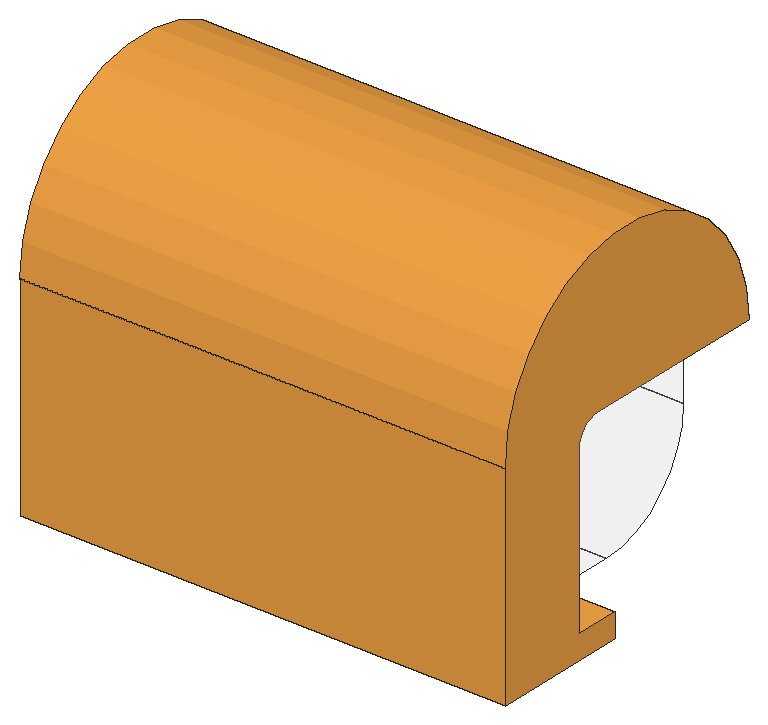
Revit family
Parameters (values of type "40 Watts")
  Wattage Comments = "40"
  Wattage = 40 W
  built-in parameter 1150110 = 1 (stored number, unit not read)
  built-in parameter 1114217 = 1 (stored number, unit not read)
  built-in parameter 1150109 = 1 (stored number, unit not read)
  built-in parameter 1150134 = 4
  built-in parameter 1150113 = 1 (stored number, unit not read)
  Mounting Height = 2500 mm
  built-in parameter 1150105 = 152.79 (stored number, unit not read)
  Lumens = 480 lm
  Material of Lamp = Lamp Cover
  Material of Lamp Holder = Lamp Holder
  built-in parameter 1150115 = 1 (stored number, unit not read)
  Light Source Symbol Size = 609.6 mm
  built-in parameter 1150137 = (empty or 0)
  built-in parameter 1150139 = (empty or 0)
  built-in parameter 1150112 = 1 (stored number, unit not read)
  built-in parameter 1150114 = 1 (stored number, unit not read)
  Lamp = "WL-2"
  built-in parameter 1150132 = (empty or 0)
  built-in parameter 1150102 = (empty or 0)
  built-in parameter 1150107 = 2800 (stored number, unit not read)
  built-in parameter 1150138 = (empty or 0)
  built-in parameter 1150106 = 1.5279 (stored number, unit not read)
  built-in parameter 1150104 = 1.1148 (stored number, unit not read)
  Dimming Lamp Color Temperature Shift = (empty or 0)
  Color Filter = 16777215
  built-in parameter 1114218 = 1 (stored number, unit not read)
  built-in parameter 1150133 = 10 (stored number, unit not read)
Types (2, lengths in mm): name | Wattage Comments | Wattage | built-in parameter 1150105 | Lumens | built-in parameter 1150106
  40 Watts | "40" | 40 W | 152.79 (stored number, unit not read) | 480 lm | 1.5279 (stored number, unit not read)
  60 Watts | "60" | 60 W | 229.18 (stored number, unit not read) | 720 lm | 2.2918 (stored number, unit not read)
Reference planes
  plane 1: y = 0
  plane 2 "Light Source Axis (L/R)": x = 125
  plane 3 "Light Source Axis (F/R)": y = 220
  plane 4 "Light Source Elevation": z = 2600
  plane 5: z = 2500
  plane 6: x = 325
  plane 7: x = -75
  plane 8: z = 2800
  plane 9: y = 325
  plane 10: y = 75
Forms (mm)
  Extrusion 1, solid, material "Lamp Holder" <- "Material of Lamp Holder"
    sketch origin (125, 0, 0) x (0, 1, 0) y (0, 0, 1)
      loop
        line (75, 2500) -> (187.5, 2500) -> (187.5, 2520) -> (150, 2520) -> (150, 2655)
        arc (150, 2655) -> (155.858, 2669.142) -> (170, 2675) r 20
        line (170, 2675) -> (325, 2675)
        arc (325, 2675) -> (200, 2800) -> (75, 2675) r 125
        line (75, 2675) -> (75, 2500)
    from -200 to 200
  Extrusion 2, solid, material "Lamp Cover" <- "Material of Lamp"
    sketch origin (125, 0, 0) x (0, 1, 0) y (0, 0, 1)
      loop
        line (290, 2675) -> (170, 2675)
        arc (170, 2675) -> (155.858, 2669.142) -> (150, 2655) r 20
        line (150, 2655) -> (150, 2540) -> (210, 2540)
        arc (210, 2540) -> (266.569, 2563.431) -> (290, 2620) r 80
        line (290, 2620) -> (290, 2675)
    from -175 to 175
Text (mm)
  text "Placement side" at (-1787.139, 1116.779, 0), in view "Ref. Level"
  text "Placement side" at (0, 2110.396, 2986.058), in view "Left"
  text "Placement side" at (0, 628.478, 3011.967), in view "Right"
Dimensions and locks
  "Mounting Height": level to plane 5
  locked: plane 5 to plane 4 "Light Source Elevation" at 100
  plane 7 to plane 6 = 400 mm  (x2)
  plane 5 to plane 8 = 300 mm
  plane 9 to host wall = 250 mm
  host wall to plane 9 = 250 mm
  level to plane 8 = 2800 mm
  locked: plane 3 "Light Source Axis (F/R)" to host wall at 145
  locked: Extrusion 1 sketch curve to Extrusion 1 sketch curve at 37.5
  locked: Extrusion 1 sketch curve to Extrusion 1 sketch curve at 75
  locked: Extrusion 2 sketch curve to Extrusion 2 sketch curve at 140
  locked: Extrusion 1 sketch curve to Extrusion 1 sketch curve at 125
  locked: Extrusion 1 sketch curve to Extrusion 1 sketch curve at 175
  radius of Extrusion 1 sketch curve = 125 mm
  aligned and locked: plane 1 to host wall
  aligned and locked: Extrusion 2 sketch curve to Extrusion 1  (x2)
  aligned and locked: plane 5 to Extrusion 1
  aligned and locked: plane 6 to Extrusion 1
  aligned and locked: plane 7 to Extrusion 1
  aligned and locked: plane 9 to Extrusion 1
  aligned and locked: plane 2 "Light Source Axis (L/R)" to imposter light
  aligned and locked: plane 3 "Light Source Axis (F/R)" to imposter light  (x2)
  aligned and locked: plane 4 "Light Source Elevation" to imposter light
  aligned and locked: plane 10 to host wall
  aligned and locked: plane 10 to Extrusion 1 sketch curve
Automatic sketch dimensions
  Extrusion 2 sketch curve to Extrusion 2 sketch curve = 20 mm
  plane 3 "Light Source Axis (F/R)" to Extrusion 2 sketch curve = 10 mm
  plane 4 "Light Source Elevation" to Extrusion 2 sketch curve = 20 mm
  Extrusion 1 sketch curve to plane 5 = 0 mm
  Extrusion 1 sketch curve to plane 5 = 20 mm
  Extrusion 1 sketch curve to Extrusion 1 sketch curve = 20 mm
